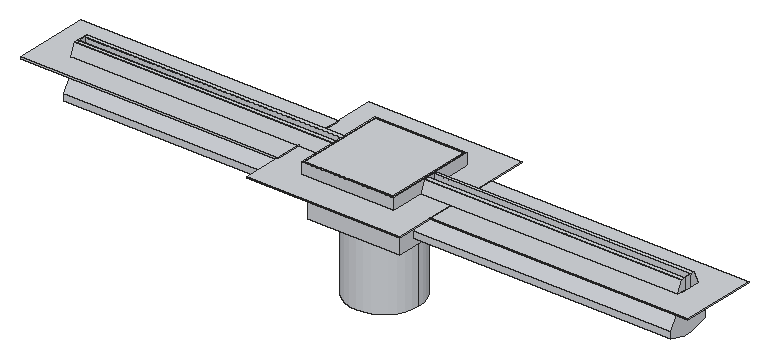
Revit family "Schlitzrinne St.Moritz mit Auslaufkasten2", category Sanitärinstallationen, Revit 2020
Family settings
  Bemaßung runder Anschluss = Durchmesser verwenden
  Teiletyp = Normal
  Arbeitsebenenbasiert = Nein
  Immer vertikal = Ja
  Beim Laden mit Abzugskörper schneiden = Nein
  Gemeinsam genutzt = Nein
  Raumberechnungspunkt = Nein
Parameters (values of type "151mm Umlaufendem Kleberand 25mm")
  Übergangsbride [instance] = no
  mit Gefälle [instance] = yes
  exzentrisch [instance] = no
  Zarge rechts [instance] = no
  Zarge links [instance] = no
  Vorgabe-Ansicht = 0 mm
  Verbindungsbügel [instance] = L Links + L Rechts  # 1000 mm
  URL = "https://www.resitec.ch/"
  Tragstab 30mm [instance] = yes
  Tragstab 25mm [instance] = no
  Tragstab 20mm [instance] = no
  St. Moritz [instance] = yes
  Rost innen ref [instance] = Rinnen Breite innen - 2 mm  # 10 mm
  Rinnen Tiefe [instance] = 90 mm
  Rinnen Breite rechts [instance] = 500 mm
  Rinnen Breite links [instance] = 500 mm
  Rinnen Breite innen [instance] = 12 mm
  Rechts [instance] = yes
  RS_s002 = 1.8 mm  # constant formula
  RS_s001 = 3 mm  # constant formula
  RS_rechtsKR [instance] = if(RS_ZargRon, L Rechts, L Rechts + RS_KR)  # 550 mm
  RS_min80 [instance] = if(Rinnen Tiefe < 80 mm, 80 mm, Rinnen Tiefe)  # 90 mm
  RS_linksKR [instance] = if(RS_ZargLon, L Links, L Links + RS_KR)  # 550 mm
  RS_hts [instance] = if(Tragstab 20mm, 1 mm, if(Tragstab 25mm, 2 mm, if(Tragstab 30mm, 3 mm, 3 mm)))  # 3 mm
  RS_gefun [instance] = 60 mm
  RS_gefob [instance] = 40 mm
  RS_excenteron [instance] = exzentrisch  # no
  RS_excenteroff [instance] = not(RS_excenteron)  # yes
  RS_excenterabzbughinten [instance] = 32.5 mm
  RS_dpschon [instance] = yes
  RS_dimmin95 [instance] = 100 mm
  RS_dimk001 = 115 mm  # constant formula
  RS_dim001 = 20 mm  # constant formula
  RS_dim002 [instance] = if(RS_hts = 1 mm, 20 mm + 2 mm, if(RS_hts = 2 mm, 25 mm + 2 mm, if(RS_hts = 3 mm, 30 mm + 2 mm, 32 mm)))  # 32 mm
  RS_dim003 [instance] = if(Rinnen Tiefe < RS_dim002, RS_dim002 + RS_s002, Rinnen Tiefe)  # 90 mm
  RS_dia002 = 110 mm
  RS_dia001 = 151 mm
  RS_breite Rand [instance] = 6.5 mm  # constant formula
  RS_ZargRon [instance] = and(RS_KRon, Zarge rechts, Rechts)  # no
  RS_ZargLon [instance] = and(RS_KRon, Zarge links, Links)  # no
  RS_ZargH [instance] = Höhe Zarge  # 50 mm
  RS_StMRon [instance] = and(St. Moritz, Rechts)  # yes
  RS_StMLon [instance] = and(St. Moritz, Links)  # yes
  RS_RohrL [instance] = if(Länge Rohr < RS_gefun, ((RS_gefun + 10 mm) - RS_gefob), Länge Rohr)  # 200 mm
  RS_RinneRon [instance] = Rechts  # yes
  RS_RinneLon [instance] = Links  # yes
  RS_KRvorne [instance] = (Breite Aussen ref / 2) + RS_KR  # 62.5 mm
  RS_KRr [instance] = and(Rechts, Kleberand)  # yes
  RS_KRon [instance] = Kleberand  # yes
  RS_KRl [instance] = and(Links, Kleberand)  # yes
  RS_KRhinten [instance] = (Breite Aussen ref / 2) + RS_KR  # 62.5 mm
  RS_KR [instance] = 50 mm  # constant formula
  RS_DN2 = 0 mm
  RS_DN1d [instance] = D  # 114.7 mm
  RS_DN1 = 100 mm  # constant formula
  RS_URL = "https://resitec.ch/entwaesserungstechnik/entwaesserungsrinnen/rinnen/"
  RS_Rost_Typ [instance] = ""
  RS_Manufacture = "Resitec"  # constant formula
  RS_Description [instance] = if(mit Gefälle, "mit Gefälle", "ohne Gefälle")  # "mit Gefälle"
  RS_AusKRvorne [instance] = if(and(RS_excenteron, RS_245), 307 mm, 214 mm)  # 214 mm
  RS_AusKRhinten [instance] = 62.5 mm  # constant formula
  RS_AusKR_Ron [instance] = and(not(Rechts), Zarge rechts)  # no
  RS_AusKR_R [instance] = if(RS_AusKR_Ron, (RS_dia001 / 2), (RS_dia001 / 2) + RS_KR)  # 125.5 mm
  RS_AusKR_Lon [instance] = and(not(Links), Zarge links)  # no
  RS_AusKR_L [instance] = if(RS_AusKR_Lon, (RS_dia001 / 2), (RS_dia001 / 2) + RS_KR)  # 125.5 mm
  RS_Articelnumber [instance] = "Schlitzrinne"
  RS_245 [instance] = (RS_dia001 = 245 mm)  # no
  Länge Rohr [instance] = 200 mm
  Links [instance] = yes
  L Rechts Innen ref [instance] = L Rechts - RS_breite Rand  # 493.5 mm
  L Rechts [instance] = Rinnen Breite rechts  # 500 mm
  L Links innen ref [instance] = L Links - RS_breite Rand  # 493.5 mm
  L Links [instance] = Rinnen Breite links  # 500 mm
  Kleberand [instance] = yes
  Höhe Zarge [instance] = 50 mm
  Hersteller = RS_Manufacture  # "Resitec"
  D [instance] = 114.7 mm
  Breite Innen ref [instance] = 12 mm  # constant formula
  Breite Aussen ref [instance] = Rinnen Breite innen + (2 * RS_breite Rand)  # 25 mm
  Description = ""
  Baugruppenkennzeichen = "D2030300"
  Anschlusswert DU L/s = 0
Types (5, lengths in mm): name | RS_dia001 | RS_AusKR_R | RS_AusKR_L | RS_245
  (no name) | 151 | 125.5 | 125.5 | no
  245mm Umlaufendem Kleberand 25mm | 245 | 172.5 | 172.5 | yes
  151mm Umlaufendem Kleberand 25mm | 151 | 125.5 | 125.5 | no
  245mm Umlaufendem Kleberand 6.5mm | 245 | 172.5 | 172.5 | yes
  151mm Umlaufendem Kleberand 6.5mm | 151 | 125.5 | 125.5 | no
Reference planes
  plane 1 "Mitte (Vorne/hinten)": y = 0
  plane 2: z = 0
  plane 3 "Mitte (Links/rechts)": x = 0
  plane 4: x = -500
  plane 5: x = 500
  plane 6: y = 6
  plane 7: y = -6
  plane 8: y = 12.5
  plane 9: y = -12.5
  plane 10: x = -493.5
  plane 11: x = 493.5
  plane 12 "ebeneKBlech": z = -20
  plane 13 "lvdim002": z = -32
  plane 14: y = 57.5
  plane 15: y = -57.5
  plane 16: y = 62.5
  plane 17: x = 550
  plane 18: y = -62.5
  plane 19: x = -550
  plane 20: z = -200
  plane 21: x = -492.5
  plane 22: y = -5
  plane 23: x = 492.5
  plane 24: y = 5
  plane 25: z = -90
  plane 26 "0001": x = -75.5
  plane 27: y = -75.5
  plane 28: y = 75.5
  plane 29 "002": x = 75.5
  plane 30: x = -73.7
  plane 31: y = -73.7
  plane 32: y = 73.7
  plane 33: x = 73.7
  plane 34: y = 72.7
  plane 35: x = 72.7
  plane 36: y = -72.7
  plane 37: x = -72.7
  plane 38: y = 125.5
  plane 39: x = 125.5
  plane 40: y = -125.5
  plane 41: x = -125.5
  plane 42: y = 5
  plane 43: y = -5
  plane 44 "min80": z = -90
  plane 45: z = 30
  plane 46: y = -12.5
  plane 47: y = -163.5
  plane 48: y = -88
  plane 49: y = -14.3
  plane 50: y = -15.3
  plane 51: y = -161.7
  plane 52: y = -160.7
  plane 53: y = 37.5
  plane 54: y = -213.5
  plane 55: y = 62.5
  plane 56: y = -214
  plane 57: y = 20
  plane 58: y = -20
Forms (mm)
  Extrusion 1, solid, visible <- "RS_KRl"
    sketch origin (0, 0, -20) x (-1, 0, 0) y (0, -1, 0)
      loop
        line (550, -62.5) -> (550, 62.5) -> (125.5, 62.5) -> (125.5, -12.5) -> (125.5, -62.5) -> (550, -62.5)
    from 0 to 1.8 <- "RS_s002"
  Extrusion 2, solid, visible <- "RS_excenteroff"
    sketch origin (0, 0, -40) x (-1, 0, 0) y (0, -1, 0)
      loop
        circle (0, 0) r 57.35
    from 8 to -160
  Extrusion 3, solid, visible <- "RS_excenteroff"
    sketch origin (0, 0, 0) x (1, 0, 0) y (0, 1, 0)
      loop
        line (-75.5, 75.5) -> (-75.5, -75.5) -> (75.5, -75.5) -> (75.5, 75.5) -> (-75.5, 75.5)
      loop
        line (-73.7, 73.7) -> (-73.7, -73.7) -> (73.7, -73.7) -> (73.7, 73.7) -> (-73.7, 73.7)
    from 0 to -20
  Extrusion 4, solid, visible <- "RS_excenteroff"
    sketch origin (0, 0, 0) x (1, 0, 0) y (0, 1, 0)
      loop
        line (-72.7, 72.7) -> (-72.7, -72.7) -> (72.7, -72.7) -> (72.7, 72.7) -> (-72.7, 72.7)
    from 0 to -20
  Extrusion 5, solid, visible <- "RS_KRr"
    sketch origin (0, 0, -20) x (-1, 0, 0) y (0, -1, 0)
      loop
        line (-125.5, -62.5) -> (-125.5, 62.5) -> (-550, 62.5) -> (-550, -62.5) -> (-125.5, -62.5)
    from 0 to 1.8 <- "RS_s002"
  Extrusion 6, solid, visible <- "RS_excenteroff"
    sketch origin (-75.5, 270.325, 1200) x (0, 1, 0) y (0, 0, 1)
      loop
        line (-207.825, -1220) -> (-332.825, -1220) -> (-332.825, -1290) -> (-207.825, -1290) -> (-207.825, -1220)
    from 0 to 151
  Extrusion 7, solid, visible <- "RS_RinneRon"
    sketch origin (0, 0, -20) x (-1, 0, 0) y (0, -1, 0)
      loop
        line (-75.5, -12.5) -> (-75.5, -6) -> (-498.2, -6) -> (-498.2, 6) -> (-75.5, 6) -> (-75.5, 12.5) -> (-500, 12.5) -> (-500, -12.5) -> (-75.5, -12.5)
    from 0 to 20
  Extrusion 8, solid, visible <- "RS_RinneLon"
    sketch origin (0, 0, -20) x (1, 0, 0) y (0, 1, 0)
      loop
        line (-75.5, 12.5) -> (-500, 12.5) -> (-500, -12.5) -> (-75.5, -12.5) -> (-75.5, -6) -> (-498.2, -6) -> (-498.2, 6) -> (-75.5, 6) -> (-75.5, 12.5)
    from 0 to 20
  Extrusion 9, solid, visible <- "RS_RinneRon"
    sketch origin (75.5, 270.325, 1200) x (0, 1, 0) y (0, 0, -1)
      loop
        line (-264.325, 1220) -> (-235.325, 1267.053) -> (-235.325, 1277.053) -> (-264.325, 1285) -> (-276.325, 1285) -> (-305.325, 1277.053) -> (-305.325, 1267.053) -> (-276.325, 1220) -> (-264.325, 1220)
    from 0 to -424.5
  Extrusion 10, solid, visible <- "RS_RinneLon"
    sketch origin (-75.5, 270.325, 1200) x (0, 1, 0) y (0, 0, 1)
      loop
        line (-264.325, -1220) -> (-276.325, -1220) -> (-305.325, -1267.053) -> (-305.325, -1277.053) -> (-276.325, -1285) -> (-264.325, -1285) -> (-235.325, -1277.053) -> (-235.325, -1267.053) -> (-264.325, -1220)
    from 0 to -424.5
  Extrusion 11, solid, visible <- "RS_ZargLon"
    sketch origin (0, 0, -20) x (-1, 0, 0) y (0, -1, 0)
      loop
        line (550, -62.5) -> (550, 62.5) -> (548.2, 62.5) -> (548.2, -62.5) -> (550, -62.5)
    from 0 to 50
  Extrusion 12, solid, visible <- "RS_ZargRon"
    sketch origin (0, 0, -20) x (-1, 0, 0) y (0, -1, 0)
      loop
        line (-550, -62.5) -> (-548.2, -62.5) -> (-548.2, 62.5) -> (-550, 62.5) -> (-550, -62.5)
    from 0 to 50
  Extrusion 13, solid, visible <- "RS_excenteroff"
    sketch origin (0, 0, -20) x (-1, 0, 0) y (0, -1, 0)
      loop
        line (125.5, -125.5) -> (125.5, 125.5) -> (-125.5, 125.5) -> (-125.5, -125.5) -> (125.5, -125.5)
    from 0 to 1.8 <- "RS_s002"
  Extrusion 14, solid, visible <- "RS_AusKR_Lon"
    sketch origin (0, 0, -20) x (-1, 0, 0) y (0, -1, 0)
      loop
        line (125.5, -62.5) -> (125.5, 214) -> (123.7, 214) -> (123.7, -62.5) -> (125.5, -62.5)
    from 0 to 50
  Extrusion 15, solid, visible <- "RS_excenteron"
    sketch origin (0, -88, -40) x (-1, 0, 0) y (0, -1, 0)
      loop
        circle (0, 0) r 57.35
    from 8 to -160
  Extrusion 16, solid, visible <- "RS_excenteron"
    sketch origin (0, -88, 0) x (1, 0, 0) y (0, 1, 0)
      loop
        line (-75.5, 100.5) -> (-75.5, 94) -> (75.5, 94) -> (75.5, 100.5) -> (-75.5, 100.5)
      loop
        line (-75.5, -75.5) -> (75.5, -75.5) -> (75.5, 82) -> (-75.5, 82) -> (-75.5, -75.5)
      loop
        line (-73.7, 73.7) -> (-73.7, -73.7) -> (73.7, -73.7) -> (73.7, 73.7) -> (-73.7, 73.7)
    from 0 to -20
  Extrusion 17, solid, visible <- "RS_excenteron"
    sketch origin (0, -88, 0) x (1, 0, 0) y (0, 1, 0)
      loop
        line (-72.7, 72.7) -> (-72.7, -72.7) -> (72.7, -72.7) -> (72.7, 72.7) -> (-72.7, 72.7)
    from 0 to -20
  Extrusion 18, solid, visible <- "RS_excenteron"
    sketch origin (-75.5, 182.325, 1200) x (0, 1, 0) y (0, 0, 1)
      loop
        line (-345.825, -1220) -> (-345.825, -1290) -> (-182.325, -1290) -> (-182.325, -1220) -> (-345.825, -1220)
    from 0 to 151
  Extrusion 19, solid, visible <- "RS_excenteron"
    sketch origin (0, -88, -20) x (-1, 0, 0) y (0, -1, 0)
      loop
        line (125.5, -150.5) -> (125.5, 125.5) -> (-125.5, 125.5) -> (-125.5, -150.5) -> (125.5, -150.5)
    from 0 to 1.8 <- "RS_s002"
  Extrusion 20, solid, visible <- "RS_AusKR_Ron"
    sketch origin (0, 0, -20) x (-1, 0, 0) y (0, -1, 0)
      loop
        line (-75.5, -62.5) -> (-73.7, -62.5) -> (-73.7, 214) -> (-75.5, 214) -> (-75.5, -62.5)
    from 0 to 50
  Extrusion 21, solid, visible <- "RS_StMLon"
    sketch origin (-75.5, 270.325, 1200) x (0, 1, 0) y (0, 0, 1)
      loop
        line (-250.325, -1218.2) -> (-257.825, -1200) -> (-264.325, -1200) -> (-264.325, -1218.2) -> (-250.325, -1218.2)
      loop
        line (-276.325, -1218.2) -> (-276.325, -1200) -> (-282.825, -1200) -> (-290.325, -1218.2) -> (-276.325, -1218.2)
    from -424.5 to 0
  Extrusion 22, solid, visible <- "RS_RinneRon"
    sketch origin (1075.5, 0, -20) x (1, 0, 0) y (0, 1, 0)
      loop
        line (-575.5, 12.5) -> (-1000, 12.5) -> (-1000, -12.5) -> (-575.5, -12.5) -> (-575.5, -6) -> (-998.2, -6) -> (-998.2, 6) -> (-575.5, 6) -> (-575.5, 12.5)
    from 0 to 20
  Extrusion 23, solid, visible <- "RS_StMRon"
    sketch origin (1050, 270.325, 1200) x (0, 1, 0) y (0, 0, 1)
      loop
        line (-250.325, -1218.2) -> (-257.825, -1200) -> (-264.325, -1200) -> (-264.325, -1218.2) -> (-250.325, -1218.2)
      loop
        line (-276.325, -1218.2) -> (-276.325, -1200) -> (-282.825, -1200) -> (-290.325, -1218.2) -> (-276.325, -1218.2)
    from -974.5 to -550
Dimensions and locks
  equal spacing: plane 7, plane 1 "Mitte (Vorne/hinten)", plane 6
  "L Links": plane 4 to plane 3 "Mitte (Links/rechts)"
  "L Rechts": plane 3 "Mitte (Links/rechts)" to plane 5
  "Breite Innen ref": plane 6 to plane 7
  equal spacing: plane 9, plane 1 "Mitte (Vorne/hinten)", plane 8
  "Breite Aussen ref": plane 8 to plane 9
  "L Links innen ref": plane 10 to plane 3 "Mitte (Links/rechts)"
  "L Rechts Innen ref": plane 3 "Mitte (Links/rechts)" to plane 11
  "RS_dim001": level to plane 12 "ebeneKBlech"
  "RS_dim002": level to plane 13 "lvdim002"
  equal spacing: plane 15, plane 1 "Mitte (Vorne/hinten)", plane 14
  "RS_dimk001": plane 14 to plane 15
  "RS_linksKR": plane 19 to plane 3 "Mitte (Links/rechts)"
  "RS_rechtsKR": plane 3 "Mitte (Links/rechts)" to plane 17
  "RS_KRhinten": plane 1 "Mitte (Vorne/hinten)" to plane 16
  "RS_KRvorne": plane 18 to plane 1 "Mitte (Vorne/hinten)"
  locked: plane 24 to plane 6 at 1
  locked: plane 10 to plane 21 at 1
  locked: plane 23 to plane 11 at 1
  locked: plane 22 to plane 7 at 1
  Extrusion 1 to plane 12 "ebeneKBlech" = 1.8 mm
  "RS_dim003": level to plane 25
  "Länge Rohr": level to plane 20
  equal spacing: plane 27, plane 1 "Mitte (Vorne/hinten)", plane 28
  equal spacing: plane 26 "0001", plane 3 "Mitte (Links/rechts)", plane 29 "002"
  "RS_dia001": plane 26 "0001" to plane 29 "002"
  "RS_dia001": plane 28 to plane 27
  "RS_s002": plane 28 to plane 32
  "RS_s002": plane 33 to plane 29 "002"
  "RS_s002": plane 31 to plane 27
  "RS_s002": plane 26 "0001" to plane 30
  locked: plane 30 to plane 37 at 1
  locked: plane 35 to plane 33 at 1
  locked: plane 32 to plane 34 at 1
  locked: plane 36 to plane 31 at 1
  "RS_KR": plane 38 to plane 28
  "RS_KR": plane 27 to plane 40
  locked: Extrusion 1 to plane 12 "ebeneKBlech" at 1.8
  equal spacing: plane 42, plane 1 "Mitte (Vorne/hinten)", plane 43
  "Rost innen ref": plane 42 to plane 43
  "RS_min80": level to plane 44 "min80"
  Extrusion 6 sketch curve to Extrusion 6 sketch curve = 125 mm
  equal spacing: Extrusion 6 sketch curve, plane 1 "Mitte (Vorne/hinten)", Extrusion 6 sketch curve
  "RS_s002": Extrusion 7 sketch curve to plane 5
  plane 12 "ebeneKBlech" to Extrusion 9 sketch curve = 47.053 mm  (x2)
  plane 12 "ebeneKBlech" to Extrusion 9 sketch curve = 57.053 mm  (x2)
  equal spacing: Extrusion 9 sketch curve, plane 1 "Mitte (Vorne/hinten)", Extrusion 9 sketch curve
  Extrusion 9 sketch curve to Extrusion 9 sketch curve = 70 mm
  plane 12 "ebeneKBlech" to Extrusion 9 sketch curve = 65 mm
  plane 12 "ebeneKBlech" to Extrusion 9 = 65 mm
  plane 12 "ebeneKBlech" to Extrusion 10 sketch curve = 57.053 mm  (x2)
  plane 12 "ebeneKBlech" to Extrusion 10 sketch curve = 47.053 mm  (x2)
  equal spacing: Extrusion 9, plane 1 "Mitte (Vorne/hinten)", Extrusion 9
  Extrusion 9 to Extrusion 9 = 70 mm
  locked: plane 12 "ebeneKBlech" to Extrusion 9 at 65
  Extrusion 9 to plane 12 "ebeneKBlech" = 65 mm
  plane 12 "ebeneKBlech" to Extrusion 10 sketch curve = 65 mm
  equal spacing: Extrusion 10 sketch curve, plane 1 "Mitte (Vorne/hinten)", Extrusion 10 sketch curve
  Extrusion 10 sketch curve to Extrusion 10 sketch curve = 70 mm
  "RS_s002": plane 19 to Extrusion 11 sketch curve
  "RS_s002": plane 19 to Extrusion 11
  "RS_s002": Extrusion 12 sketch curve to plane 17
  "RS_s002": Extrusion 12 to plane 17
  "RS_AusKR_R": plane 3 "Mitte (Links/rechts)" to plane 39
  "RS_AusKR_L": plane 41 to plane 3 "Mitte (Links/rechts)"
  "RS_ZargH": plane 45 to plane 12 "ebeneKBlech"
  "RS_s002": plane 41 to Extrusion 14 sketch curve
  "RS_s002": plane 41 to Extrusion 14
  Extrusion 18 sketch curve to Extrusion 18 sketch curve = 163.5 mm  (x2)
  equal spacing: plane 46, plane 48, plane 47
  "RS_dia001": plane 46 to plane 47
  "RS_s002": plane 51 to plane 47
  "RS_s002": plane 46 to plane 49
  plane 49 to plane 50 = 1 mm
  plane 52 to plane 51 = 1 mm
  "RS_KR": plane 53 to plane 46
  "RS_KR": plane 47 to plane 54
  "RS_AusKRhinten": plane 1 "Mitte (Vorne/hinten)" to plane 55
  "RS_AusKRvorne": plane 56 to plane 1 "Mitte (Vorne/hinten)"
  equal spacing: plane 58, plane 1 "Mitte (Vorne/hinten)", plane 57
  plane 58 to plane 1 "Mitte (Vorne/hinten)" = 20 mm
  "RS_DN1d": diameter of Extrusion 2 sketch curve
  "RS_DN1d": diameter of Extrusion 15 sketch curve
  angle Extrusion 9 sketch curve to Extrusion 9 sketch curve = 63.2927°
  angle Extrusion 9 sketch curve to Extrusion 9 sketch curve = 149.352°
  angle Extrusion 9 to Extrusion 9 = 149.352°
  angle Extrusion 9 to Extrusion 9 = 63.2927°
  locked: Extrusion 9 to Extrusion 9 (angle 63.2927°)
  locked: Extrusion 9 to Extrusion 9 (angle 149.352°)
  angle Extrusion 10 sketch curve to Extrusion 10 sketch curve = 63.2927°
  angle Extrusion 10 sketch curve to Extrusion 10 sketch curve = 149.352°
  aligned and locked: level to plane 2
  aligned and locked: Extrusion 2 to plane 20
  aligned and locked: plane 12 "ebeneKBlech" to Extrusion 1
  aligned and locked: plane 13 "lvdim002" to Extrusion 2
  aligned and locked: Extrusion 3 sketch curve to plane 28
  aligned and locked: plane 26 "0001" to Extrusion 3 sketch curve
  aligned and locked: plane 27 to Extrusion 3 sketch curve
  aligned and locked: Extrusion 3 sketch curve to plane 29 "002"
  aligned and locked: plane 32 to Extrusion 3 sketch curve
  aligned and locked: plane 30 to Extrusion 3 sketch curve
  aligned and locked: plane 31 to Extrusion 3 sketch curve
  aligned and locked: Extrusion 3 sketch curve to plane 33
  aligned and locked: Extrusion 3 to plane 12 "ebeneKBlech"
  aligned and locked: Extrusion 4 sketch curve to plane 34
  aligned and locked: Extrusion 4 sketch curve to plane 37
  aligned and locked: Extrusion 4 sketch curve to plane 36
  aligned and locked: Extrusion 4 sketch curve to plane 35
  aligned and locked: Extrusion 4 to plane 12 "ebeneKBlech"
  aligned and locked: level to Extrusion 4
  aligned and locked: Extrusion 1 to plane 41
  aligned and locked: plane 44 "min80" to Extrusion 6 sketch curve
  aligned and locked: plane 29 "002" to Extrusion 6
  aligned and locked: Extrusion 7 sketch curve to plane 8
  aligned and locked: plane 29 "002" to Extrusion 7 sketch curve  (x2)
  aligned and locked: plane 9 to Extrusion 7 sketch curve
  aligned and locked: plane 6 to Extrusion 7 sketch curve
  aligned and locked: Extrusion 7 sketch curve to plane 7
  aligned and locked: Extrusion 7 sketch curve to plane 5
  aligned and locked: level to Extrusion 7
  aligned and locked: Extrusion 7 to plane 12 "ebeneKBlech"
  aligned and locked: level to Extrusion 8
  aligned and locked: Extrusion 8 to plane 12 "ebeneKBlech"
  aligned and locked: plane 26 "0001" to Extrusion 8
  aligned and locked: Extrusion 8 to plane 4
  aligned and locked: Extrusion 9 to plane 29 "002"
  aligned and locked: plane 5 to Extrusion 9
  aligned and locked: plane 26 "0001" to Extrusion 10
  aligned and locked: Extrusion 10 to plane 4
  aligned and locked: plane 18 to Extrusion 11
  aligned and locked: plane 16 to Extrusion 11
  aligned and locked: Extrusion 11 to plane 19
  aligned and locked: plane 17 to Extrusion 12
  aligned and locked: plane 18 to Extrusion 12
  aligned and locked: plane 16 to Extrusion 12
  aligned and locked: plane 38 to Extrusion 13
  aligned and locked: plane 39 to Extrusion 13
  aligned and locked: Extrusion 13 to Extrusion 1
  aligned and locked: plane 40 to Extrusion 13
  aligned and locked: Extrusion 14 to plane 12 "ebeneKBlech"
  aligned and locked: plane 45 to Extrusion 12
  aligned and locked: plane 45 to Extrusion 14
  aligned and locked: plane 45 to Extrusion 11
  aligned and locked: Extrusion 14 to Extrusion 1
  aligned and locked: Extrusion 18 to Extrusion 16
  aligned and locked: plane 47 to Extrusion 16
  aligned and locked: plane 29 "002" to Extrusion 16  (x2)
  aligned and locked: Extrusion 16 to plane 33
  aligned and locked: Extrusion 16 to plane 26 "0001"
  aligned and locked: plane 30 to Extrusion 16
  aligned and locked: plane 37 to Extrusion 17
  aligned and locked: Extrusion 17 to plane 35
  aligned and locked: Extrusion 16 to plane 49
  aligned and locked: plane 51 to Extrusion 16
  aligned and locked: Extrusion 17 to plane 52
  aligned and locked: plane 50 to Extrusion 17
  aligned and locked: Extrusion 19 to plane 39
  aligned and locked: plane 41 to Extrusion 19
  aligned and locked: plane 16 to Extrusion 19
  aligned and locked: plane 8 to Extrusion 16
  aligned and locked: Extrusion 7 to Extrusion 16
  aligned and locked: Extrusion 16 to plane 6
  aligned and locked: plane 7 to Extrusion 16
  aligned and locked: Extrusion 14 to plane 56
  aligned and locked: plane 55 to Extrusion 14
  aligned and locked: Extrusion 19 to plane 54
  aligned and locked: plane 7 to Extrusion 21
  aligned and locked: Extrusion 21 to plane 6
  aligned and locked: Extrusion 21 to Extrusion 1  (x2)
  aligned and locked: level to Extrusion 21  (x2)
  aligned and locked: Extrusion 21 to plane 4
  aligned and locked: plane 26 "0001" to Extrusion 21
  aligned and locked: plane 5 to Extrusion 22  (x2)
  aligned and locked: plane 7 to Extrusion 22
  aligned and locked: Extrusion 22 to plane 6
  aligned and locked: plane 5 to Extrusion 23
  aligned and locked: Extrusion 23 to plane 29 "002"
  aligned and locked: plane 29 "002" to Extrusion 18
  aligned and locked: Extrusion 18 to plane 1 "Mitte (Vorne/hinten)"
Automatic sketch dimensions
  Extrusion 1 sketch curve to plane 8 = 0 mm
  Extrusion 1 sketch curve to plane 41 = 0 mm
  plane 18 to Extrusion 1 sketch curve = 0 mm
  Extrusion 1 sketch curve to plane 19 = 0 mm
  Extrusion 1 sketch curve to plane 16 = 0 mm
  Extrusion 5 sketch curve to plane 16 = 0 mm
  Extrusion 5 sketch curve to plane 17 = 0 mm
  plane 18 to Extrusion 5 sketch curve = 0 mm
  Extrusion 5 sketch curve to plane 39 = 0 mm
  Extrusion 6 sketch curve to plane 12 "ebeneKBlech" = 0 mm
  Extrusion 8 sketch curve to plane 4 = 0 mm
  Extrusion 8 sketch curve to plane 6 = 0 mm
  Extrusion 8 sketch curve to plane 7 = 0 mm
  Extrusion 8 sketch curve to plane 26 "0001" = 0 mm  (x2)
  Extrusion 8 sketch curve to plane 8 = 0 mm
  Extrusion 8 sketch curve to plane 9 = 0 mm
  Extrusion 8 sketch curve to plane 4 = 1.8 mm
  Extrusion 9 sketch curve to plane 7 = 0 mm  (x2)
  Extrusion 9 sketch curve to plane 6 = 0 mm
  Extrusion 10 sketch curve to plane 7 = 0 mm  (x2)
  Extrusion 10 sketch curve to plane 6 = 0 mm
  Extrusion 13 sketch curve to plane 38 = 0 mm
  Extrusion 13 sketch curve to plane 39 = 0 mm
  plane 40 to Extrusion 13 sketch curve = 0 mm
  Extrusion 13 sketch curve to plane 41 = 0 mm
  Extrusion 16 sketch curve to plane 8 = 0 mm
  Extrusion 16 sketch curve to plane 26 "0001" = 0 mm  (x2)
  Extrusion 16 sketch curve to plane 30 = 0 mm
  Extrusion 16 sketch curve to plane 33 = 0 mm
  Extrusion 16 sketch curve to plane 6 = 0 mm
  Extrusion 16 sketch curve to plane 29 "002" = 0 mm  (x2)
  Extrusion 16 sketch curve to plane 7 = 0 mm
  Extrusion 16 sketch curve to plane 47 = 0 mm
  Extrusion 16 sketch curve to plane 51 = 0 mm
  Extrusion 16 sketch curve to plane 49 = 0 mm
  Extrusion 17 sketch curve to plane 37 = 0 mm
  Extrusion 17 sketch curve to plane 35 = 0 mm
  Extrusion 17 sketch curve to plane 52 = 0 mm
  Extrusion 17 sketch curve to plane 50 = 0 mm
  Extrusion 18 sketch curve to plane 25 = 0 mm
  Extrusion 18 sketch curve to plane 47 = 0 mm
  Extrusion 18 sketch curve to plane 12 "ebeneKBlech" = 0 mm
  Extrusion 19 sketch curve to plane 16 = 0 mm
  Extrusion 19 sketch curve to plane 39 = 0 mm
  Extrusion 19 sketch curve to plane 41 = 0 mm
  Extrusion 19 sketch curve to plane 54 = 0 mm
  Extrusion 20 sketch curve to plane 29 "002" = 0 mm
  Extrusion 20 sketch curve to plane 33 = 0 mm
  Extrusion 20 sketch curve to plane 16 = 0 mm
  Extrusion 20 sketch curve to plane 56 = 0 mm
  Extrusion 21 sketch curve to plane 58 = 0 mm
  Extrusion 21 sketch curve to level = 0 mm  (x2)
  Extrusion 21 sketch curve to plane 9 = 0 mm
  Extrusion 21 sketch curve to plane 7 = 0 mm
  Extrusion 21 sketch curve to plane 6 = 0 mm
  Extrusion 21 sketch curve to plane 8 = 0 mm
  Extrusion 21 sketch curve to plane 57 = 0 mm
  plane 12 "ebeneKBlech" to Extrusion 21 sketch curve = 1.8 mm  (x2)
  Extrusion 22 sketch curve to plane 8 = 0 mm
  Extrusion 22 sketch curve to plane 29 "002" = 0 mm
  Extrusion 22 sketch curve to plane 6 = 0 mm
  Extrusion 22 sketch curve to plane 7 = 0 mm
  Extrusion 22 sketch curve to plane 5 = 0 mm  (x2)
  Extrusion 22 sketch curve to plane 9 = 0 mm
  Extrusion 22 sketch curve to plane 29 "002" = 1.8 mm
  Extrusion 23 sketch curve to plane 58 = 0 mm
  Extrusion 23 sketch curve to level = 0 mm  (x2)
  Extrusion 23 sketch curve to plane 9 = 0 mm
  Extrusion 23 sketch curve to plane 7 = 0 mm
  Extrusion 23 sketch curve to plane 6 = 0 mm
  Extrusion 23 sketch curve to plane 8 = 0 mm
  Extrusion 23 sketch curve to plane 57 = 0 mm
  plane 12 "ebeneKBlech" to Extrusion 23 sketch curve = 1.8 mm  (x2)
  plane 1 "Mitte (Vorne/hinten)" to Extrusion 2 sketch curve = 0 mm
  Extrusion 2 sketch curve to plane 3 "Mitte (Links/rechts)" = 0 mm
  plane 18 to Extrusion 11 sketch curve = 0 mm
  Extrusion 11 sketch curve to plane 19 = 0 mm
  Extrusion 11 sketch curve to plane 16 = 0 mm
  Extrusion 12 sketch curve to plane 17 = 0 mm
  Extrusion 12 sketch curve to plane 16 = 0 mm
  plane 18 to Extrusion 12 sketch curve = 0 mm
  Extrusion 14 sketch curve to plane 41 = 0 mm
  Extrusion 14 sketch curve to plane 16 = 0 mm
  Extrusion 14 sketch curve to plane 56 = 0 mm
  Extrusion 15 sketch curve to plane 3 "Mitte (Links/rechts)" = 0 mm
  Extrusion 15 sketch curve to plane 48 = 0 mm
